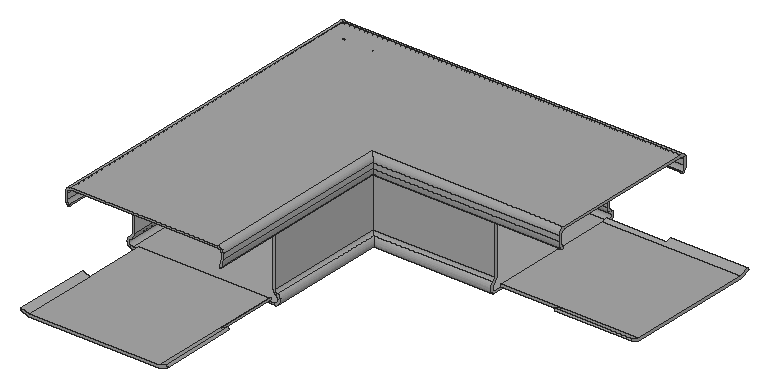
Revit family "Specialty_Equipment-Metal_Raceway-Hubbell_Wiring-Flat_Elbow-HBL3011E", category Specialty Equipment, host Face, Revit 2015
Parameters (values of type "HBL3011EGY")
  URL = "http://www.hubbell-wiring.com/"
  Product data url = "https://bimobject.com/hubbellwiring/product/hubbell-metal-raceway-hbl3000"
  Product Page URL = "http://ecatalog.hubbell-wiring.com/ProductInformation/ViewCatalog.aspx?Dest=hubbell-wiring.com/press/catalog/r.pdf"
  Product Documentation Link = "http://www.hubbellcatalog.com/hubbellpremise/datasheets/MRaceway18-25.pdf"
  Model = "HBL3011EIV"  # constant formula
  Manufacturer = "Hubbell Wiring Device Kellems"  # constant formula
  Description = " 90 Flat Elbow"  # constant formula
  Default Elevation = 48.00"
  Cable Tray Material = Metal-Hubbell-Gray
  B = 6.00"
  A = 6.40"
Types (3): name | Cable Tray Material
  (no name) | Metal-Hubbell-Ivory
  HBL3011EIV | Metal-Hubbell-Ivory
  HBL3011EGY | Metal-Hubbell-Gray
Reference planes (in)
  plane 1 "Center (Front/Back)": y = 0
  plane 2: z = 0
  plane 3 "Center (Left/Right)": x = 0
  plane 4: x = -2
  plane 5: x = 2
  plane 6: y = 2
  plane 7: y = -2
  plane 8: z = 1.47
  plane 9: y = -4.4
  plane 10: x = 4.4
  plane 11: z = 1.4477833
  plane 12: x = -2.73
  plane 13: z = 0.0739301
  plane 14: y = -0.0672808
  plane 15: x = -2.7356648
Forms (in)
  Sweep 1, solid, material "Metal-Hubbell-Gray" <- "Cable Tray Material"
    path origin (0, 0, 0) x (1, 0, 0) y (0, 1, 0)
      loop
        line (0, -2) -> (0, 0) -> (2, 0)
    profile origin (0, -1, 0) x (-1, 0, 0) y (0, 0, 1)
      loop
        arc (2.6104435, 1.2123467) -> (2.6217479, 1.2414455) -> (2.6407633, 1.2662031) r 0.1101276
        arc (2.6407633, 1.2662031) -> (2.6627193, 1.2987792) -> (2.6704348, 1.3372986) r 0.1000112
        line (2.6704348, 1.3372986) -> (2.6704348, 1.4167771)
        arc (2.6704348, 1.4167771) -> (2.6618426, 1.4478013) -> (2.6385145, 1.4699852) r 0.0603066
        arc (2.6385145, 1.4699852) -> (2.6235962, 1.4638059) -> (2.6174168, 1.4488876) r 0.0210976
        line (2.6174168, 1.4488876) -> (2.6304778, 1.4168223) -> (2.6304778, 1.3463105)
        arc (2.6304778, 1.3463105) -> (2.6231767, 1.3157635) -> (2.6064505, 1.2891804) r 0.0964746
        arc (2.6064505, 1.2891804) -> (2.5799002, 1.2547611) -> (2.5704557, 1.2123299) r 0.1000369
        line (2.5704557, 1.2123299) -> (2.5704557, 0.2500775)
        arc (2.5704557, 0.2500775) -> (2.5861373, 0.1934621) -> (2.6287125, 0.1529828) r 0.1100406
        arc (2.6287125, 0.1529828) -> (2.6586968, 0.0854646) -> (2.6004668, 0.04) r 0.0600221
        line (2.6004668, 0.04) -> (0.1295332, 0.04)
        arc (0.1295332, 0.04) -> (0.0713032, 0.0854646) -> (0.1012875, 0.1529828) r 0.0600221
        arc (0.1012875, 0.1529828) -> (0.1438627, 0.1934621) -> (0.1595443, 0.2500775) r 0.1100406
        line (0.1595443, 0.2500775) -> (0.1595443, 1.2123299)
        arc (0.1595443, 1.2123299) -> (0.1500998, 1.2547611) -> (0.1235495, 1.2891804) r 0.1000369
        arc (0.1235495, 1.2891804) -> (0.1068233, 1.3157635) -> (0.0995222, 1.3463105) r 0.0964746
        line (0.0995222, 1.3463105) -> (0.0995222, 1.4168223) -> (0.1125832, 1.4488876)
        arc (0.1125832, 1.4488876) -> (0.1064038, 1.4638059) -> (0.0914855, 1.4699852) r 0.0210976
        arc (0.0914855, 1.4699852) -> (0.0681574, 1.4478013) -> (0.0595652, 1.4167771) r 0.0603066
        line (0.0595652, 1.4167771) -> (0.0595652, 1.3372986)
        arc (0.0595652, 1.3372986) -> (0.0672807, 1.2987792) -> (0.0892367, 1.2662031) r 0.1000112
        arc (0.0892367, 1.2662031) -> (0.108223, 1.2414971) -> (0.1195296, 1.2124622) r 0.1101276
        line (0.1195296, 1.2124622) -> (0.1195296, 0.2500775)
        arc (0.1195296, 0.2500775) -> (0.1095504, 0.2140495) -> (0.0824572, 0.18829) r 0.0700258
        arc (0.0824572, 0.18829) -> (0.0324836, 0.0757602) -> (0.1295332, -0.0000137) r 0.1000364
        line (0.1295332, -0.0000137) -> (2.6004617, -0.0000137)
        arc (2.6004617, -0.0000137) -> (2.6975044, 0.0757577) -> (2.6475276, 0.1882786) r 0.1000285
        arc (2.6475276, 0.1882786) -> (2.6204259, 0.2140433) -> (2.6104435, 0.2500804) r 0.0700394
        line (2.6104435, 0.2500804) -> (2.6104435, 1.2123467)
  Extrusion 2, solid, material "Metal-Hubbell-Gray" <- "Cable Tray Material"
    sketch origin (-15.2392483, -4.4, 48) x (-1, 0, 0) y (0, 0, 1)
      loop
        line (-12.5968531, -47.9035743) -> (-12.6120657, -47.8694062) -> (-12.7440399, -47.92) -> (-15.0064969, -47.92) -> (-15.1430912, -47.867635) -> (-15.1583038, -47.9018031) -> (-15.0064969, -47.96) -> (-12.7440399, -47.96) -> (-12.5968531, -47.9035743)
    from 0 to 2.4
  Extrusion 3, solid, material "Metal-Hubbell-Gray" <- "Cable Tray Material"
    sketch origin (4.4, 9.5137213, 48) x (0, 1, 0) y (0, 0, 1)
      loop
        line (-9.2502964, -47.92) -> (-9.3999816, -47.8595233) -> (-9.4161862, -47.894274) -> (-9.2535087, -47.96) -> (-7.0439339, -47.96) -> (-6.8758569, -47.8920925) -> (-6.8920615, -47.8573418) -> (-7.0471461, -47.92) -> (-9.2502964, -47.92)
    from 0 to -2.4
  Extrusion 4, void
    sketch origin (0, 0, 0) x (1, 0, 0) y (0, 1, 0)
      loop
        line (-2.7077993, -2) -> (-2.7077993, -3.0637353) -> (-2.4992097, -3.0637353) -> (-2.4992097, -2) -> (-2.7077993, -2)
      loop
        line (-0.0096852, -2) -> (-0.2086859, -2) -> (-0.2086859, -3.0637353) -> (-0.0096852, -3.0637353) -> (-0.0096852, -2)
    from -0.2951592 to 0.4888019
  Extrusion 5, void
    sketch origin (3.2516957, 2.759241, 0) x (0, 1, 0) y (-1, 0, 0)
      loop
        line (-2.759241, 1.2516957) -> (-2.759241, 0.1942302) -> (-2.5096852, 0.1942302) -> (-2.5096852, 1.2516957) -> (-2.759241, 1.2516957)
      loop
        line (-0.0096852, 1.2516957) -> (-0.2086859, 1.2516957) -> (-0.2086859, 0.1942302) -> (-0.0096852, 0.1942302) -> (-0.0096852, 1.2516957)
    from -0.2951592 to 0.4888019
Cuts and joins
  Extrusion 4, Extrusion 5 cuts Sweep 1
  Extrusion 4, Extrusion 5 cuts Extrusion 2
  Extrusion 5 cuts Extrusion 3
Lines and regions (in)
  symbolic lines
    curve 1: line (4.4, 2.6987076, 1.3181617) -> (4.4, 2.6987076, 1.4176735)
    curve 2: arc (4.4, 2.5991958, 1.5171854) -> (4.4, 2.6695613, 1.488039) -> (4.4, 2.6987076, 1.4176735) r 0.0995118
    curve 3: line (4.4, 2.5991958, 1.5171854) -> (4.4, -3.3012924, 1.5171854)
    curve 4: line (4.4, 2.649014, 0.2575745) -> (4.4, 2.649014, 1.268468)
    curve 5: arc (4.4, 2.649014, 0.2575745) -> (4.4, 2.6568014, 0.2043996) -> (4.4, 2.6795096, 0.1556907) r 0.1854412
    curve 6: arc (4.4, 2.6795096, 0.1556907) -> (4.4, 2.7018562, 0.0585639) -> (4.4, 2.6195423, 0.0023732) r 0.0883863
    curve 7: line (4.4, -2, 0.0023732) -> (4.4, 2.6195423, 0.0023732)
    curve 8: line (4.4, -4.4, 0.1305938) -> (4.4, -2, 0.1305938)
    curve 9: line (4.4, -4.4, 0.1305938) -> (4.4, -4.4, 0)
    curve 10: line (4.4, -4.4, 0.0964257) -> (4.4, -2, 0.0964257)
    curve 11: line (4.4, -3.3012924, 1.5171854) -> (4.4, -3.3012924, 1.17)
    curve 12: line (4.4, 2.6222916, 1.1878794) -> (4.4, -3.3012924, 1.1878794)
    curve 13: arc (4.4, 2.6987076, 1.3181617) -> (4.4, 2.6841527, 1.283023) -> (4.4, 2.649014, 1.268468) r 0.0496936
    curve 14: line (4.4, 2.6222916, 1.1878794) -> (4.4, -3.3012924, 1.1878794)
    curve 15: arc (4.4, 2.6987076, 1.3181617) -> (4.4, 2.6781941, 1.242642) -> (4.4, 2.6222916, 1.1878794) r 0.1492678
    curve 16: line (4.4, 2.6795096, 0.1556907) -> (4.4, -2, 0.1556907)
    curve 17: line (4.4, -4.4, 0.1305938) -> (4.4, -2, 0.1305938)
    curve 18: line (4.4, -4.4, 0.0964257) -> (4.4, -2, 0.0964257)
    curve 19: line (4.4, -4.4, 0.1305938) -> (4.4, -4.4, 0)
    curve 20: arc (4.4, 2.6795096, 0.1556907) -> (4.4, 2.7018562, 0.0585639) -> (4.4, 2.6195423, 0.0023732) r 0.0883863
    curve 21: line (4.4, -2, 0.0023732) -> (4.4, -2, 1.47)
    curve 22: line (0.0143352, -3.3012924, 0) -> (-2.7356648, -3.3012924, 0)
    curve 23: line (-2.7356648, -3.3012924, 0) -> (-2.7356648, 2.6987076, 0)
    curve 24: line (-2.7356648, 2.6987076, 0) -> (4.4, 2.6987076, 0)
    curve 25: line (4.4, -0.0672808, 0) -> (0.0143352, -0.0672808, 0)
    curve 26: line (4.4, 2.6987076, 0) -> (4.4, -0.0672808, 0)
    curve 27: line (0.0143352, -0.0672808, 0) -> (0.0143352, -4.3932401, 0)
    curve 28: line (0.0143352, -4.3932401, 0) -> (-2.7356648, -4.3932401, 0)
    curve 29: line (-2.7356648, -3.3012924, 0) -> (-2.7356648, -4.3932401, 0)
    curve 30: line (4.4, 0, 0) -> (-2.7356648, 0, 0)
    curve 31: line (-2.7356648, 0, 0) -> (-2.7356648, 0, 1.5171854)
    curve 32: line (-2.7356648, 0, 1.5171854) -> (3.2643352, 0, 1.5171854)
    curve 33: line (3.2643352, 0, 1.5171854) -> (3.2643352, 0, 1.17)
    curve 34: line (3.2643352, 0, 1.17) -> (2, 0, 1.17)
    curve 35: line (2, 0, 1.17) -> (2, 0, 0.1426582)
    curve 36: line (2, 0, 0.1426582) -> (4.4, 0, 0.1426582)
    curve 37: line (4.4, 0, 0.1426582) -> (4.4, 0, 0)
    curve 39: line (0.0143352, 0, 1.3247827) -> (0.0143352, 0, 1.4176717)
    curve 43: line (-0.0223344, 0, 1.4221158) -> (-0.0223344, 0, 1.3247827)
    curve 45: line (-2.6405952, 0, 1.4805157) -> (3.2643352, 0, 1.4805157)
    curve 57: arc (-2.6064505, 0, 1.2891804) -> (-2.6231767, 0, 1.3157635) -> (-2.6304778, 0, 1.3463105) r 0.0964746
    curve 58: arc (-2.5704557, 0, 1.2123299) -> (-2.5799002, 0, 1.2547611) -> (-2.6064505, 0, 1.2891804) r 0.1000369
    curve 59: arc (-2.6004668, 0, 0.04) -> (-2.6586968, 0, 0.0854646) -> (-2.6287125, 0, 0.1529828) r 0.0600221
    curve 71: arc (-0.0914855, 0, 1.4699852) -> (-0.1064038, 0, 1.4638059) -> (-0.1125832, 0, 1.4488876) r 0.0210976
    curve 87: line (-0.2327515, 0, 0.04) -> (-0.0809446, 0, 0.0981969)
    curve 88: line (-0.0809446, 0, 0.0981969) -> (-0.0961572, 0, 0.132365)
    curve 89: line (-0.0961572, 0, 0.132365) -> (-0.2327515, 0, 0.08)
    curve 90: line (-0.2327515, 0, 0.08) -> (-2.4952085, 0, 0.08)
    curve 91: line (-2.4952085, 0, 0.04) -> (-0.2327515, 0, 0.04)
    curve 92: line (-2.6423952, 0, 0.0964257) -> (-2.4952085, 0, 0.04)
    curve 93: line (-2.4952085, 0, 0.08) -> (-2.6271826, 0, 0.1305938)
    curve 94: line (-2.6271826, 0, 0.1305938) -> (-2.6423952, 0, 0.0964257)
    curve 97: line (0.0143352, 0, 1.4805157) -> (0.0143352, 0, 0.04)
  symbolic lines, detail levels medium+fine
    curve 38: arc (0.0143352, 0, 1.4176717) -> (-0.0134285, 0, 1.4894095) -> (-0.0851664, 0, 1.5171733) r 0.0951482
    curve 40: arc (-0.0205791, 0, 1.1929099) -> (0.0054588, 0, 1.2565745) -> (0.0143352, 0, 1.3247827) r 0.2665012
    curve 41: arc (-0.0469298, 0, 1.2213388) -> (-0.0493656, 0, 1.1926544) -> (-0.0205791, 0, 1.1929099) r 0.0194666
    curve 42: arc (-0.0223344, 0, 1.3247827) -> (-0.0285678, 0, 1.2716189) -> (-0.0469298, 0, 1.2213388) r 0.2298315
    curve 44: arc (-0.0807343, 0, 1.4805157) -> (-0.0394394, 0, 1.4634108) -> (-0.0223344, 0, 1.4221158) r 0.0583999
    curve 46: arc (-2.6989951, 0, 1.4221158) -> (-2.6818901, 0, 1.4634108) -> (-2.6405952, 0, 1.4805157) r 0.0583999
    curve 47: line (-2.6989951, 0, 1.3247827) -> (-2.6989951, 0, 1.4221158)
    curve 48: arc (-2.6689589, 0, 1.2406201) -> (-2.6912611, 0, 1.2801018) -> (-2.6989951, 0, 1.3247827) r 0.1329319
    curve 49: arc (-2.7007504, 0, 1.2217096) -> (-2.6766845, 0, 1.2174296) -> (-2.6689589, 0, 1.2406201) r 0.018693
    curve 50: arc (-2.7356648, 0, 1.3247827) -> (-2.7266992, 0, 1.2703698) -> (-2.7007504, 0, 1.2217096) r 0.1696016
    curve 51: line (-2.7356648, 0, 1.4176734) -> (-2.7356648, 0, 1.3247827)
    curve 52: line (-2.6704348, 0, 1.4167771) -> (-2.6704348, 0, 1.3372986)
    curve 53: arc (-2.6385145, 0, 1.4699852) -> (-2.6618426, 0, 1.4478013) -> (-2.6704348, 0, 1.4167771) r 0.0603066
    curve 54: arc (-2.6174168, 0, 1.4488876) -> (-2.6235962, 0, 1.4638059) -> (-2.6385145, 0, 1.4699852) r 0.0210976
    curve 55: line (-2.6304778, 0, 1.4168223) -> (-2.6174168, 0, 1.4488876)
    curve 56: line (-2.6304778, 0, 1.3463105) -> (-2.6304778, 0, 1.4168223)
    curve 60: arc (-2.6475276, 0, 0.1882786) -> (-2.6975044, 0, 0.0757577) -> (-2.6004617, 0, -0.0000137) r 0.1000285
    curve 61: arc (-2.6104435, 0, 0.2500804) -> (-2.6204259, 0, 0.2140433) -> (-2.6475276, 0, 0.1882786) r 0.0700394
    curve 62: arc (-2.6287125, 0, 0.1529828) -> (-2.5861373, 0, 0.1934621) -> (-2.5704557, 0, 0.2500775) r 0.1100406
    curve 63: line (-2.5704557, 0, 0.2500775) -> (-2.5704557, 0, 1.2123299)
    curve 64: line (-2.6104435, 0, 1.2123467) -> (-2.6104435, 0, 0.2500804)
    curve 65: arc (-2.6064505, 0, 1.2891804) -> (-2.6231767, 0, 1.3157635) -> (-2.6304778, 0, 1.3463105) r 0.0964746
    curve 66: arc (-2.5704557, 0, 1.2123299) -> (-2.5799002, 0, 1.2547611) -> (-2.6064505, 0, 1.2891804) r 0.1000369
    curve 67: line (-0.0223344, 0, 1.4221158) -> (-0.0223344, 0, 1.3247827)
    curve 68: arc (-2.6407633, 0, 1.2662031) -> (-2.6217479, 0, 1.2414455) -> (-2.6104435, 0, 1.2123467) r 0.1101276
    curve 69: arc (-2.6704348, 0, 1.3372986) -> (-2.6627193, 0, 1.2987792) -> (-2.6407633, 0, 1.2662031) r 0.1000112
    curve 70: arc (-2.6361648, 0, 1.5171733) -> (-2.7079012, 0, 1.4894097) -> (-2.7356648, 0, 1.4176734) r 0.0951474
    curve 72: arc (-0.0595652, 0, 1.4167771) -> (-0.0681574, 0, 1.4478013) -> (-0.0914855, 0, 1.4699852) r 0.0603066
    curve 73: line (-0.0595652, 0, 1.3372986) -> (-0.0595652, 0, 1.4167771)
    curve 74: arc (-0.0892367, 0, 1.2662031) -> (-0.0672807, 0, 1.2987792) -> (-0.0595652, 0, 1.3372986) r 0.1000112
    curve 75: arc (-0.1195296, 0, 1.2124622) -> (-0.108223, 0, 1.2414971) -> (-0.0892367, 0, 1.2662031) r 0.1101276
    curve 76: line (-0.1195296, 0, 0.2500775) -> (-0.1195296, 0, 1.2124622)
    curve 77: line (-0.1595443, 0, 1.2123299) -> (-0.1595443, 0, 0.2500775)
    curve 78: arc (-0.1235495, 0, 1.2891804) -> (-0.1500998, 0, 1.2547611) -> (-0.1595443, 0, 1.2123299) r 0.1000369
    curve 79: arc (-0.0995222, 0, 1.3463105) -> (-0.1068233, 0, 1.3157635) -> (-0.1235495, 0, 1.2891804) r 0.0964746
    curve 80: line (-0.0995222, 0, 1.4168223) -> (-0.0995222, 0, 1.3463105)
    curve 81: line (-0.1125832, 0, 1.4488876) -> (-0.0995222, 0, 1.4168223)
    curve 82: arc (-0.0914855, 0, 1.4699852) -> (-0.1064038, 0, 1.4638059) -> (-0.1125832, 0, 1.4488876) r 0.0210976
    curve 83: arc (-0.1595443, 0, 0.2500775) -> (-0.1438627, 0, 0.1934621) -> (-0.1012875, 0, 0.1529828) r 0.1100406
    curve 84: arc (-0.1012875, 0, 0.1529828) -> (-0.0713032, 0, 0.0854646) -> (-0.1295332, 0, 0.04) r 0.0600221
    curve 85: arc (-0.1295332, 0, -0.0000137) -> (-0.0324836, 0, 0.0757602) -> (-0.0824572, 0, 0.18829) r 0.1000364
    curve 86: arc (-0.0824572, 0, 0.18829) -> (-0.1095504, 0, 0.2140495) -> (-0.1195296, 0, 0.2500775) r 0.0700258
    curve 95: arc (-2.6004668, 0, 0.04) -> (-2.6586968, 0, 0.0854646) -> (-2.6287125, 0, 0.1529828) r 0.0600221
    curve 96: line (2, 0, 0.04) -> (-2.6004668, 0, 0.04)
Dimensions and locks (in)
  plane 6 to plane 7 = 4.00"
  equal spacing: plane 6, plane 1 "Center (Front/Back)", plane 7
  equal spacing: plane 4, plane 3 "Center (Left/Right)", plane 5
  plane 4 to plane 5 = 4.00"
  plane 8 to host face = 1.47"
  plane 7 to plane 9 = 2.40"
  plane 6 to plane 9 = 6.40"
  plane 3 "Center (Left/Right)" to plane 12 = 2.73"
  "A": plane 4 to plane 10
  aligned and locked: plane 2 to host face
  aligned and locked: level to host face
  aligned and locked: plane 1 "Center (Front/Back)" to Sweep 1 sketch curve
  aligned and locked: plane 3 "Center (Left/Right)" to Sweep 1 sketch curve
  aligned and locked: plane 5 to Sweep 1 sketch curve
  aligned and locked: plane 7 to Sweep 1 sketch curve
  aligned and locked: plane 7 to Extrusion 2
  aligned and locked: Extrusion 3 to plane 5
  aligned and locked: curve 10 to Extrusion 2
  aligned and locked: curve 11 to nested 1
  aligned and locked: curve 17 to Extrusion 2
  aligned and locked: curve 18 to Extrusion 2
  aligned and locked: Extrusion 2 to curve 19
  aligned and locked: Sweep 1 to curve 21
  aligned and locked: Extrusion 4 sketch curve to plane 7
  aligned and locked: Extrusion 4 sketch curve to cut or joined group of Extrusion 2, Extrusion 4, Extrusion 5
  aligned and locked: Extrusion 4 sketch curve to Extrusion 4 sketch curve
  aligned and locked: Extrusion 5 sketch curve to Extrusion 5 sketch curve
  aligned and locked: Extrusion 5 to plane 5
  aligned and locked: Extrusion 3 to Extrusion 5
  aligned and locked: plane 1 "Center (Front/Back)" to Extrusion 5
  aligned and locked: nested 1 to curve 22
  aligned and locked: curve 23 to nested 1
  aligned and locked: curve 24 to nested 1
  aligned and locked: curve 26 to plane 10
  aligned and locked: cut or joined group of Extrusion 2, Extrusion 4, Extrusion 5 to plane 9
  aligned and locked: curve 27 to nested 1
  aligned and locked: plane 14 to curve 25
  aligned and locked: nested 1 to curve 33
  aligned and locked: nested 1 to curve 32
  aligned and locked: curve 31 to nested 1
  aligned and locked: curve 30 to level
  aligned and locked: curve 37 to cut or joined group of Extrusion 3, Extrusion 5
  aligned and locked: curve 36 to cut or joined group of Extrusion 3, Extrusion 5
  aligned and locked: plane 5 to curve 35
  aligned and locked: curve 34 to nested 1
  aligned and locked: curve 38 to nested 1
  aligned and locked: curve 40 to nested 1
  aligned and locked: curve 41 to nested 1
  aligned and locked: curve 42 to nested 1
  aligned and locked: curve 44 to nested 1
  aligned and locked: curve 46 to nested 1
  aligned and locked: curve 48 to nested 1
  aligned and locked: curve 49 to nested 1
  aligned and locked: curve 50 to nested 1
  aligned and locked: curve 51 to nested 1
  aligned and locked: curve 53 to cut or joined group of Sweep 1, Extrusion 4, Extrusion 5
  aligned and locked: curve 54 to cut or joined group of Sweep 1, Extrusion 4, Extrusion 5
  aligned and locked: curve 55 to cut or joined group of Sweep 1, Extrusion 4, Extrusion 5
  aligned and locked: curve 56 to cut or joined group of Sweep 1, Extrusion 4, Extrusion 5
  aligned and locked: curve 57 to cut or joined group of Sweep 1, Extrusion 4, Extrusion 5
  aligned and locked: curve 58 to cut or joined group of Sweep 1, Extrusion 4, Extrusion 5
  aligned and locked: curve 59 to cut or joined group of Sweep 1, Extrusion 4, Extrusion 5
  aligned and locked: curve 60 to cut or joined group of Sweep 1, Extrusion 4, Extrusion 5
  aligned and locked: curve 61 to cut or joined group of Sweep 1, Extrusion 4, Extrusion 5
  aligned and locked: curve 62 to cut or joined group of Sweep 1, Extrusion 4, Extrusion 5
  aligned and locked: curve 64 to cut or joined group of Sweep 1, Extrusion 4, Extrusion 5
  aligned and locked: curve 65 to cut or joined group of Sweep 1, Extrusion 4, Extrusion 5
  aligned and locked: curve 68 to cut or joined group of Sweep 1, Extrusion 4, Extrusion 5
  aligned and locked: curve 69 to cut or joined group of Sweep 1, Extrusion 4, Extrusion 5
  aligned and locked: curve 70 to nested 1
  aligned and locked: curve 97 to nested 1
  aligned and locked: plane 15 to nested 1
Automatic sketch dimensions
  host sketch curve to host sketch curve = 96.00"  (x2)
  curve 9 to level = 0.00"
  curve 19 to level = 0.00"
  curve 11 to curve 12 = 0.01788"
  plane 11 to curve 21 = 0.02222"
  Extrusion 4 sketch curve to Extrusion 4 sketch curve = 0.20859"
  Extrusion 4 sketch curve to Extrusion 4 sketch curve = 0.199"
  Extrusion 4 sketch curve to plane 7 = 1.06374"
  Extrusion 5 sketch curve to plane 1 "Center (Front/Back)" = 0.00"
  Extrusion 5 sketch curve to plane 1 "Center (Front/Back)" = 0.24956"
  plane 6 to Extrusion 5 sketch curve = 0.55056"
  Extrusion 5 sketch curve to Extrusion 5 sketch curve = 0.199"
  Extrusion 5 sketch curve to plane 10 = 1.34253"
  Extrusion 5 sketch curve to Extrusion 5 sketch curve = 1.05747"  (x2)
  Extrusion 4 sketch curve to plane 4 = 0.7078"
  Extrusion 4 sketch curve to plane 3 "Center (Left/Right)" = 0.20869"
  Sweep 1 sketch curve to profile plane = 0.01229"
  Sweep 1 sketch curve to profile plane = 0.0495"
  Sweep 1 sketch curve to Sweep 1 sketch curve = 0.00"  (x6)
  Sweep 1 sketch curve to Sweep 1 sketch curve = 0.04722"  (x2)
  Sweep 1 sketch curve to Sweep 1 sketch curve = 0.00006"
  Sweep 1 sketch curve to Sweep 1 sketch curve = 0.03295"
  Sweep 1 sketch curve to Sweep 1 sketch curve = 0.02973"
  Sweep 1 sketch curve to Sweep 1 sketch curve = 0.03192"
  Sweep 1 sketch curve to Sweep 1 sketch curve = 0.00804"
  Sweep 1 sketch curve to Sweep 1 sketch curve = 0.01883"
  Sweep 1 sketch curve to Sweep 1 sketch curve = 0.0211"  (x2)
  Sweep 1 sketch curve to Sweep 1 sketch curve = 0.06002"
  Sweep 1 sketch curve to Sweep 1 sketch curve = 0.02035"  (x2)
  Sweep 1 sketch curve to Sweep 1 sketch curve = 0.03431"  (x2)
  Sweep 1 sketch curve to Sweep 1 sketch curve = 0.02825"  (x2)
  Sweep 1 sketch curve to Sweep 1 sketch curve = 0.04001"  (x2)
  Sweep 1 sketch curve to Sweep 1 sketch curve = 0.03603"  (x2)
  Sweep 1 sketch curve to Sweep 1 sketch curve = 0.03618"  (x2)
  plane 12 to Sweep 1 sketch curve = 0.19575"
  Sweep 1 sketch curve to Sweep 1 sketch curve = 0.00003"
  Sweep 1 sketch curve to Sweep 1 sketch curve = 0.03001"
  Sweep 1 sketch curve to Sweep 1 sketch curve = 0.00001"  (x2)
  Sweep 1 sketch curve to Sweep 1 sketch curve = 0.0397"
  Sweep 1 sketch curve to Sweep 1 sketch curve = 0.03999"
  Sweep 1 sketch curve to Sweep 1 sketch curve = 0.00729"
  Sweep 1 sketch curve to Sweep 1 sketch curve = 0.01882"
  Sweep 1 sketch curve to Sweep 1 sketch curve = 0.03996"
  Sweep 1 sketch curve to Sweep 1 sketch curve = 0.06005"
  Sweep 1 sketch curve to Sweep 1 sketch curve = 0.03296"
  Sweep 1 sketch curve to plane 8 = 1.47001"
  Sweep 1 sketch curve to Sweep 1 sketch curve = 0.93734"  (x2)
  Sweep 1 sketch curve to Sweep 1 sketch curve = 0.02491"  (x2)
  Sweep 1 sketch curve to Sweep 1 sketch curve = 0.00002"
  Sweep 1 sketch curve to Sweep 1 sketch curve = 0.00013"
  Sweep 1 sketch curve to Sweep 1 sketch curve = 0.00901"  (x2)
  Sweep 1 sketch curve to Sweep 1 sketch curve = 0.07047"
  Sweep 1 sketch curve to Sweep 1 sketch curve = 0.07948"
  Sweep 1 sketch curve to Sweep 1 sketch curve = 0.00005"  (x2)
  level to curve 20 = 0.09076"
  plane 6 to curve 20 = 0.61954"
  curve 13 to curve 15 = 0.04969"
  curve 6 to curve 6 = 0.05997"
  curve 5 to curve 5 = 0.15495"
  level to curve 20 = 0.00237"
  curve 15 to plane 11 = 0.12962"
  plane 6 to curve 15 = 0.54944"
  plane 11 to curve 3 = 0.0694"
  curve 15 to curve 3 = 0.04976"
  curve 15 to curve 15 = 0.07285"
  curve 15 to curve 13 = 0.02672"
  plane 13 to Extrusion 2 sketch curve = 0.02427"
  Extrusion 2 sketch curve to plane 3 "Center (Left/Right)" = 0.08094"
  Extrusion 2 sketch curve to Extrusion 2 sketch curve = 0.01521"  (x2)
  Extrusion 2 sketch curve to plane 13 = 0.03393"
  Extrusion 2 sketch curve to Extrusion 2 sketch curve = 0.15181"
  plane 13 to Extrusion 2 sketch curve = 0.00607"
  Extrusion 2 sketch curve to Extrusion 2 sketch curve = 0.00"  (x2)
  Extrusion 2 sketch curve to plane 4 = 0.49521"
  plane 13 to Extrusion 2 sketch curve = 0.05666"
  Extrusion 2 sketch curve to Extrusion 2 sketch curve = 0.13197"
  plane 13 to Extrusion 2 sketch curve = 0.0225"
  Extrusion 2 sketch curve to Extrusion 2 sketch curve = 0.03417"
  plane 13 to Extrusion 3 sketch curve = 0.0318"
  Extrusion 3 sketch curve to plane 1 "Center (Front/Back)" = 0.09754"
  Extrusion 3 sketch curve to Extrusion 3 sketch curve = 0.0162"  (x2)
  Extrusion 3 sketch curve to plane 13 = 0.03393"
  Extrusion 3 sketch curve to Extrusion 3 sketch curve = 0.16268"
  plane 13 to Extrusion 3 sketch curve = 0.00607"
  Extrusion 3 sketch curve to Extrusion 3 sketch curve = 0.00321"  (x2)
  plane 6 to Extrusion 3 sketch curve = 0.46658"
  plane 13 to Extrusion 3 sketch curve = 0.06873"
  Extrusion 3 sketch curve to Extrusion 3 sketch curve = 0.15508"
  plane 13 to Extrusion 3 sketch curve = 0.03398"
  Extrusion 3 sketch curve to Extrusion 3 sketch curve = 0.03475"
  plane 9 to curve 29 = 0.00676"
  curve 96 to plane 5 = 0.00"
  plane 13 to curve 94 = 0.0225"
  curve 94 to curve 59 = 0.04193"
  curve 46 to curve 70 = 0.00443"
  plane 13 to curve 94 = 0.05666"
  curve 59 to curve 94 = 0.00153"
  plane 13 to curve 90 = 0.00607"
  curve 60 to curve 90 = 0.10525"
  curve 90 to curve 91 = 0.00"
  curve 89 to plane 3 "Center (Left/Right)" = 0.23275"
  curve 87 to plane 13 = 0.03393"
  curve 89 to curve 87 = 0.00"
  curve 40 to curve 79 = 0.05641"
  curve 79 to curve 74 = 0.03618"
  curve 77 to plane 3 "Center (Left/Right)" = 0.15954"
  plane 13 to curve 84 = 0.02609"
  curve 89 to curve 84 = 0.10322"
  curve 84 to curve 85 = 0.00"
  curve 74 to curve 78 = 0.03603"
  curve 72 to curve 44 = 0.03914"
  curve 78 to curve 75 = 0.04001"
  plane 11 to curve 81 = 0.0011"
  curve 72 to curve 81 = 0.00729"
  curve 85 to curve 84 = 0.02825"
  curve 80 to curve 44 = 0.01879"
  curve 83 to curve 89 = 0.00513"
  curve 71 to curve 71 = 0.0211"
  curve 79 to curve 74 = 0.03431"
  curve 38 to curve 44 = 0.00443"
  curve 84 to curve 86 = 0.01883"
  curve 85 to curve 86 = 0.00"
  plane 13 to curve 87 = 0.02427"
  curve 88 to curve 87 = 0.01521"
  curve 38 to curve 72 = 0.02114"
  curve 78 to curve 42 = 0.01258"
  curve 86 to plane 3 "Center (Left/Right)" = 0.0495"
  curve 86 to curve 83 = 0.00"
  curve 41 to curve 75 = 0.00829"
  curve 85 to level = 0.00001"
  curve 88 to curve 83 = 0.02062"
  curve 75 to curve 41 = 0.00549"
  curve 78 to curve 42 = 0.00901"
  curve 78 to curve 76 = 0.00013"
  curve 51 to curve 50 = 0.00"
  curve 73 to curve 80 = 0.00901"
  curve 81 to curve 44 = 0.00529"
  curve 51 to curve 70 = 0.00"
Nested families (in)
  nested 1: "HBL3011" at (-4.1106648, -3.3012924, 1.47), type "HBL3011"
Definition of nested family "HBL3011"
  Parameters
    Default Elevation = 48.00"
    Cable Tray Material = none
    B = 6.00"
    A = 6.00"
  Reference planes (in)
    plane 1 "Center (Front/Back)": y = 0
    plane 2: z = 0
    plane 3 "Center (Left/Right)": x = 0
    plane 4: x = -1.375
    plane 5: x = 1.375
    plane 6: z = -0.3
    plane 7: z = 0.0471854
    plane 8: x = 4.125
    plane 9: y = 6
  Forms (in)
    Extrusion 1, solid
      sketch origin (0, 0, 0) x (1, 0, 0) y (0, 1, 0)
        loop
          line (-48, 48) -> (-48, -48) -> (48, -48) -> (48, 48) -> (-48, 48)
      from 0 to -12
    Sweep 2, solid, material <- "Cable Tray Material"
      path origin (0, 0, 0) x (1, 0, 0) y (0, 1, 0)
        loop
          line (1.375, 0) -> (1.375, 6) -> (7.375, 6)
      profile origin (1.375, 3, 0) x (-1, 0, 0) y (0, 0, 1)
        loop
          arc (-2.6504984, 0.0471733) -> (-2.7222362, 0.0194095) -> (-2.75, -0.0523283) r 0.0951482
          line (-2.75, -0.0523283) -> (-2.75, -0.1452173)
          arc (-2.75, -0.1452173) -> (-2.7411236, -0.2134255) -> (-2.7150856, -0.2770901) r 0.2665012
          arc (-2.7150856, -0.2770901) -> (-2.6862991, -0.2773456) -> (-2.688735, -0.2486612) r 0.0194666
          arc (-2.688735, -0.2486612) -> (-2.7070969, -0.1983811) -> (-2.7133303, -0.1452173) r 0.2298315
          line (-2.7133303, -0.1452173) -> (-2.7133303, -0.0478842)
          arc (-2.7133303, -0.0478842) -> (-2.6962254, -0.0065892) -> (-2.6549304, 0.0105157) r 0.0583999
          line (-2.6549304, 0.0105157) -> (-0.0950696, 0.0105157)
          arc (-0.0950696, 0.0105157) -> (-0.0537746, -0.0065892) -> (-0.0366697, -0.0478842) r 0.0583999
          line (-0.0366697, -0.0478842) -> (-0.0366697, -0.1452173)
          arc (-0.0366697, -0.1452173) -> (-0.0444037, -0.1898982) -> (-0.0667058, -0.2293799) r 0.1329319
          arc (-0.0667058, -0.2293799) -> (-0.0589802, -0.2525704) -> (-0.0349144, -0.2482904) r 0.018693
          arc (-0.0349144, -0.2482904) -> (-0.0089656, -0.1996302) -> (0, -0.1452173) r 0.1696016
          line (0, -0.1452173) -> (0, -0.0523266)
          arc (0, -0.0523266) -> (-0.0277636, 0.0194097) -> (-0.0994999, 0.0471733) r 0.0951474
          line (-0.0994999, 0.0471733) -> (-2.6504984, 0.0471733)
  Lines and regions (in)
    reference lines
      curve 1: arc (-1.2688363, 0, -0.2523729) -> (-1.3169742, 0, -0.2120145) -> (-1.3349988, 0, -0.1518383) r 0.109463
      curve 2: arc (-1.3349988, 0, -0.0597071) -> (-1.317511, 0, -0.0174878) -> (-1.2752917, 0, 0) r 0.0597071
      curve 3: line (-1.2752917, 0, 0) -> (1.2752917, 0, 0)
      curve 4: line (-1.2754882, 0, 0.0471854) -> (1.2754882, 0, 0.0471854)
      curve 5: arc (-1.375, 0, -0.0523265) -> (-1.3458537, 0, 0.018039) -> (-1.2754882, 0, 0.0471854) r 0.0995118
      curve 6: line (-1.375, 0, -0.1518383) -> (-1.375, 0, -0.0523265)
      curve 7: arc (-1.298584, 0, -0.2821206) -> (-1.3544864, 0, -0.227358) -> (-1.375, 0, -0.1518383) r 0.1492678
      curve 8: line (-1.3349988, 0, -0.0597071) -> (-1.3349988, 0, -0.1518383)
      curve 9: line (-1.298584, 0, -0.2821206) -> (-1.2688363, 0, -0.2523729)
      curve 10: arc (1.2688363, 0, -0.2523729) -> (1.3169742, 0, -0.2120145) -> (1.3349988, 0, -0.1518383) r 0.109463
      curve 11: arc (1.3349988, 0, -0.0597071) -> (1.317511, 0, -0.0174878) -> (1.2752917, 0, 0) r 0.0597071
      curve 12: arc (1.375, 0, -0.0523265) -> (1.3458537, 0, 0.018039) -> (1.2754882, 0, 0.0471854) r 0.0995118
      curve 13: line (1.375, 0, -0.1518383) -> (1.375, 0, -0.0523265)
      curve 14: arc (1.298584, 0, -0.2821206) -> (1.3544864, 0, -0.227358) -> (1.375, 0, -0.1518383) r 0.1492678
      curve 15: line (1.3349988, 0, -0.0597071) -> (1.3349988, 0, -0.1518383)
      curve 16: line (1.298584, 0, -0.2821206) -> (1.2688363, 0, -0.2523729)
  Dimensions and locks (in)
    plane 5 to plane 4 = 2.75"  (x2)
    equal spacing: plane 5, plane 3 "Center (Left/Right)", plane 4
    locked: plane 6 to plane 2 at 0.3
    "A": plane 5 to Sweep 2 sketch curve
    "B": Sweep 2 sketch curve to Sweep 2 sketch curve
    plane 8 to plane 5 = 2.75"
    aligned and locked: plane 2 to Extrusion 1
    aligned and locked: level to Extrusion 1
    aligned and locked: curve 3 to Extrusion 1
    aligned and locked: plane 4 to curve 6
    aligned and locked: plane 5 to curve 13
    aligned and locked: plane 7 to curve 4
    aligned and locked: plane 9 to Sweep 2 sketch curve
  Automatic sketch dimensions
    Extrusion 1 sketch curve to Extrusion 1 sketch curve = 96.00"  (x2)
    plane 4 to curve 2 = 0.04"
    plane 6 to curve 7 = 0.01788"
    plane 4 to curve 7 = 0.07642"
    plane 4 to curve 4 = 0.09951"
    curve 5 to curve 2 = 0.0002"
    plane 6 to curve 9 = 0.04763"
    curve 9 to curve 9 = 0.02975"
    curve 2 to curve 7 = 0.04956"
    curve 7 to curve 1 = 0.0002"
    curve 10 to curve 14 = 0.14946"
    curve 10 to curve 14 = 0.0002"
    plane 6 to curve 10 = 0.04763"
    curve 10 to plane 5 = 0.10616"
    curve 11 to level = 0.05971"
    curve 11 to plane 5 = 0.09971"
    curve 3 to curve 12 = 0.0002"
    plane 6 to curve 16 = 0.01788"
    curve 10 to curve 16 = 0.02975"
    Sweep 2 sketch curve to plane 5 = 0.00"
    Sweep 2 sketch curve to Sweep 2 sketch curve = 0.00"  (x8)
    Sweep 2 sketch curve to Sweep 2 sketch curve = 0.00003"  (x2)
    Sweep 2 sketch curve to Sweep 2 sketch curve = 0.00001"  (x2)
    Sweep 2 sketch curve to Sweep 2 sketch curve = 0.03491"
    Sweep 2 sketch curve to Sweep 2 sketch curve = 0.03667"
    Sweep 2 sketch curve to Sweep 2 sketch curve = 0.01451"  (x2)
    Sweep 2 sketch curve to Sweep 2 sketch curve = 0.01728"
    Sweep 2 sketch curve to Sweep 2 sketch curve = 0.06283"
    Sweep 2 sketch curve to Sweep 2 sketch curve = 0.07453"
    Sweep 2 sketch curve to Sweep 2 sketch curve = 2.3139"
    Sweep 2 sketch curve to Sweep 2 sketch curve = 0.0338"
    Sweep 2 sketch curve to Sweep 2 sketch curve = 0.01184"
    Sweep 2 sketch curve to Sweep 2 sketch curve = 0.0246"
    Sweep 2 sketch curve to level = 0.24829"
    Sweep 2 sketch curve to Sweep 2 sketch curve = 0.09733"
    Sweep 2 sketch curve to plane 8 = 0.00"
    Sweep 2 sketch curve to profile plane = 0.00"
    Sweep 2 sketch curve to plane 8 = 0.03491"
    Sweep 2 sketch curve to level = 0.24866"
    Sweep 2 sketch curve to Sweep 2 sketch curve = 0.00444"
    Sweep 2 sketch curve to Sweep 2 sketch curve = 0.00443"
    Sweep 2 sketch curve to level = 0.14522"
